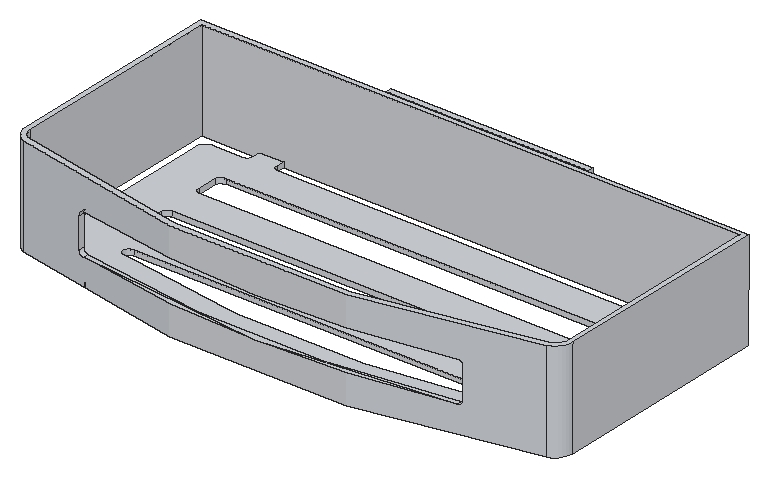
Revit family "Reece_Accessory_Posh_Solus_Shower Basket_220 x 120 x 40mm", category Plumbing Fixtures, Revit 2018
Family settings
  Round Connector Dimension = Use Diameter
  Part Type = Normal
  Work Plane-Based = Yes
  Always vertical = Yes
  Cut with Voids When Loaded = Yes
  Shared = Yes
  Room Calculation Point = Yes
Parameters
  URL = "https://www.reece.com.au/product/-9504260"
  Type Comments = "Accessory"
  Reece_Product_Web Page = "https://www.reece.com.au/product/-9504260"
  Reece_Product_Type = "Accessory"  # constant formula
  Reece_Product_Sub Brand = "Solus"  # constant formula
  Reece_Product_Number = "9504260"
  Reece_Product_Mount = "Wall Mounted"
  Reece_Product_Description = "Posh Solus Shower Basket 220 x 120 x 40mm Chrome"
  Reece_Product_Brand = "Posh"  # constant formula
  Reece_Overall_Width = 119 mm  # constant formula
  Reece_Overall_Length = 220 mm  # constant formula
  Reece_Overall_Height = 40 mm  # constant formula
  Reece_Material_Main = Reece_Brass_Chrome
  Reece_Height_From_Level [instance] = 1000 mm
  Reece_Detail_Installation = "Wall Mounted"  # constant formula
  Reece_Detail_Disclaimer = "THIS FILE IS THE PROPERTY OF THE REECE GROUP. IT MAY NOT BE REPRODUCED, REVERSE-ENGINEERED OR MODIFIED. ANY REPUBLICATION, TRANSMISSION OR DISTRIBUTION FOR THE PURPOSE OF COMMERCIALLY EXPLOITING THE FILES IS PROHIBITED."  # constant formula
  Reece_Detail_Additional = "Shower Basket"  # constant formula
  Model = "Solus"
  Manufacturer = "Posh"
  Keynote = "Product #9504260, Reece_Accessory_Posh_Solus_Shower Basket_220 x 120 x 40mm -  "
  Disclaimer = "THIS FILE IS THE PROPERTY OF THE REECE GROUP. IT MAY NOT BE REPRODUCED, REVERSE-ENGINEERED OR MODIFIED. ANY REPUBLICATION, TRANSMISSION OR DISTRIBUTION FOR THE PURPOSE OF COMMERCIALLY EXPLOITING THE FILES IS PROHIBITED."  # constant formula
  Description = "Posh Solus Shower Basket 220 x 120 x 40mm Chrome"
  Default Elevation = 0 mm
Types (2, lengths in mm): name | Keynote
  (no name) | "Product #9504260, Reece_Accessory_Posh_Solus_Shower Basket_220 x 120 x 40mm -  "
  Chrome | "Product #9504260, Reece_Accessory_Posh_Solus_Shower Basket_220 x 120 x 40mm - Chrome"
Reference planes
  plane 1 "Center (Front/Back)": y = 0
  plane 2 "Bottom Host Plane": z = -5
  plane 3 "Center (Left/Right)": x = 0
  plane 4 "Height From Floor": z = 1000
  plane 5: z = 1014.902
  plane 6: z = 974.902
  plane 7: x = 110
  plane 8: y = -119
  plane 9: x = -110
Lines and regions (mm)
  model lines, style "InvisibleLines"
    curve 1: line (0, 0, -5) -> (0, 0, 1000)
Text (mm)
  text "Reece ©" at (2668.853, -2395.367, 2952.593), in view "Reece Preview"
  text "Reece Copyright © 2018, Reece Ltd." at (-247.475, -190.626, 0), in view "Ref. Level"
Dimensions and locks
  plane 2 "Bottom Host Plane" to level = 5 mm
  locked: level to plane 2 "Bottom Host Plane" at 5
  "Reece_Height_From_Level": plane 4 "Height From Floor" to level
  "Reece_Overall_Width": plane 8 to plane 1 "Center (Front/Back)"
  "Reece_Overall_Height": plane 5 to plane 6
  plane 5 to plane 4 "Height From Floor" = 14.902 mm
  equal spacing: plane 9, plane 3 "Center (Left/Right)", plane 7
  "Reece_Overall_Length": plane 9 to plane 7
  aligned and locked: plane 2 "Bottom Host Plane" to curve 1
  aligned and locked: plane 4 "Height From Floor" to curve 1
  aligned and locked: plane 3 "Center (Left/Right)" to nested 1
  aligned and locked: plane 4 "Height From Floor" to nested 1
Automatic sketch dimensions
  curve 1 to plane 3 "Center (Left/Right)" = 0 mm
Nested families
  nested 1: "Reece_Accessory_Posh_Solus_Shower Basket_220 x 120 x 40mm_Nested" at (0, 0, 974.902), Reece_Material_Main <- "Reece_Material_Main", type "Chrome"
    with Reece_Material_Main Reece_Brass_Chrome
Definition of nested family "Reece_Accessory_Posh_Solus_Shower Basket_220 x 120 x 40mm_Nested"
  Parameters (values of type "Chrome")
    Reece_Overall_Width = 119 mm  # constant formula
    Reece_Overall_Length = 220 mm  # constant formula
    Reece_Overall_Height = 40 mm  # constant formula
    Reece_Material_Main [instance] = none
    Default Elevation = 0 mm
  Reference planes
    plane 1 "Center (Front/Back)": y = 0
    plane 2 "Bottom Host Plane": z = 0
    plane 3 "Center (Left/Right)": x = 0
    plane 4: z = 40
    plane 5: z = 0
    plane 6: x = -110
    plane 7: y = -119
    plane 8: x = 110
    plane 9: z = 25.098
    plane 10: x = -40.5
    plane 11: x = 40.5
  Forms (mm)
    Sweep 1, solid, material <- "Reece_Material_Main"
      path origin (-72.479, -37.291, 33.648) x (-0.707107, -0.707107, 0) y (0.707107, -0.707107, 0)
        loop
          line (6.236, -46.827) -> (68.546, 15.482)
          arc (68.546, 15.482) -> (70.52, 19.404) -> (69.77, 23.73) r 7
          arc (69.77, 23.73) -> (6.527, 109.027) -> (-78.77, 172.27) r 361.51
          arc (-78.77, 172.27) -> (-83.096, 173.02) -> (-87.018, 171.046) r 7
          line (-87.018, 171.046) -> (-149.328, 108.736) -> (6.236, -46.827)
      profile origin (0, -8.588, 33.648) x (0, 1, 0) y (0, 0, 1)
        loop
          line (0, 6.352) -> (-2, 6.352) -> (-2, -33.648) -> (0, -33.648) -> (0, 6.352)
    Extrusion 2, solid, material <- "Reece_Material_Main"
      sketch origin (0, 0, 33.648) x (-1, 0, 0) y (0, -1, 0)
        loop
          line (40.5, 2) -> (40.5, 8.588) -> (-40.5, 8.588) -> (-40.5, 2) -> (40.5, 2)
      from -20.49 to -18.505
    Extrusion 3, solid, material <- "Reece_Material_Main"
      sketch origin (0, 0, -966.352) x (1, 0, 0) y (0, 0, 1)
        loop
          line (40.5, 1002.223) -> (-40.5, 1002.223) -> (-40.5, 979.51) -> (-22.47, 979.51) -> (-22.47, 991.795)
          arc (-22.47, 991.795) -> (-21.587, 993.928) -> (-19.454, 994.811) r 3.016
          line (-19.454, 994.811) -> (19.192, 994.811)
          arc (19.192, 994.811) -> (21.314, 993.932) -> (22.192, 991.811) r 3
          line (22.192, 991.811) -> (22.192, 979.51) -> (40.5, 979.51) -> (40.5, 1002.223)
        loop
          circle (32.281, 991.45) r 3.981
        loop
          circle (-32.281, 991.45) r 3.981
      from 0 to 2
    Extrusion 4, void
      sketch origin (94.727, -75.563, -966.352) x (1, 0, 0) y (0, 0, 1)
        loop
          line (-19.693, 994.505) -> (-169.76, 994.505)
          arc (-169.76, 994.505) -> (-171.204, 993.907) -> (-171.802, 992.463) r 2.042
          line (-171.802, 992.463) -> (-171.802, 980.221)
          arc (-171.802, 980.221) -> (-171.226, 978.831) -> (-169.836, 978.255) r 1.966
          line (-169.836, 978.255) -> (-19.617, 978.255)
          arc (-19.617, 978.255) -> (-18.227, 978.831) -> (-17.651, 980.221) r 1.966
          line (-17.651, 980.221) -> (-17.651, 992.463)
          arc (-17.651, 992.463) -> (-18.249, 993.907) -> (-19.693, 994.505) r 2.042
      from 13.006 to 75.593
    Extrusion 5, solid, material <- "Reece_Material_Main"
      sketch origin (0, -0.835, 33.648) x (-1, 0, 0) y (0, -1, 0)
        loop
          arc (98.81, 15.329) -> (101.638, 16.5) -> (102.81, 19.329) r 4
          line (102.81, 19.329) -> (102.81, 92.206)
          arc (102.81, 92.206) -> (101.809, 95.207) -> (99.208, 97.007) r 5
          arc (99.208, 97.007) -> (93.293, 98.674) -> (87.35, 100.239) r 355.748
          arc (87.35, 100.239) -> (86.264, 100.95) -> (85.842, 102.178) r 2
          line (85.842, 102.178) -> (85.842, 106.539) -> (76.148, 108.6) -> (76.148, 104.755)
          arc (76.148, 104.755) -> (75.59, 103.588) -> (74.333, 103.288) r 1.5
          arc (74.333, 103.288) -> (-0.292, 111.198) -> (-74.916, 103.279) r 355.748
          arc (-74.916, 103.279) -> (-75.799, 103.793) -> (-76.148, 104.755) r 1.5
          line (-76.148, 104.755) -> (-76.148, 108.6) -> (-85.842, 106.539) -> (-85.842, 102.178)
          arc (-85.842, 102.178) -> (-86.068, 101.256) -> (-86.693, 100.541) r 2
          arc (-86.693, 100.541) -> (-92.962, 98.91) -> (-99.2, 97.166) r 355.748
          arc (-99.2, 97.166) -> (-101.807, 95.367) -> (-102.81, 92.363) r 5
          line (-102.81, 92.363) -> (-102.81, 19.329)
          arc (-102.81, 19.329) -> (-101.638, 16.5) -> (-98.81, 15.329) r 4
          line (-98.81, 15.329) -> (-86.562, 15.329)
          arc (-86.562, 15.329) -> (-85.17, 14.752) -> (-84.593, 13.36) r 1.969
          line (-84.593, 13.36) -> (-84.593, 8.649) -> (-75.009, 8.649) -> (-75.009, 13.367)
          arc (-75.009, 13.367) -> (-74.435, 14.754) -> (-73.048, 15.329) r 1.962
          line (-73.048, 15.329) -> (73.048, 15.329)
          arc (73.048, 15.329) -> (74.435, 14.754) -> (75.009, 13.367) r 1.962
          line (75.009, 13.367) -> (75.009, 8.649) -> (84.593, 8.649) -> (84.593, 13.36)
          arc (84.593, 13.36) -> (85.17, 14.752) -> (86.562, 15.329) r 1.969
          line (86.562, 15.329) -> (98.81, 15.329)
        loop
          line (-82.781, 29.278) -> (82.781, 29.278)
          arc (82.781, 29.278) -> (84.549, 30.01) -> (85.281, 31.778) r 2.5
          line (85.281, 31.778) -> (85.281, 39.768)
          arc (85.281, 39.768) -> (84.56, 41.508) -> (82.82, 42.229) r 2.461
          line (82.82, 42.229) -> (-82.82, 42.229)
          arc (-82.82, 42.229) -> (-84.56, 41.508) -> (-85.281, 39.768) r 2.461
          line (-85.281, 39.768) -> (-85.281, 31.778)
          arc (-85.281, 31.778) -> (-84.549, 30.01) -> (-82.781, 29.278) r 2.5
        loop
          line (-82.781, 56.175) -> (82.781, 56.175)
          arc (82.781, 56.175) -> (84.549, 56.908) -> (85.281, 58.675) r 2.5
          line (85.281, 58.675) -> (85.281, 66.665)
          arc (85.281, 66.665) -> (84.56, 68.405) -> (82.82, 69.126) r 2.461
          line (82.82, 69.126) -> (-82.82, 69.126)
          arc (-82.82, 69.126) -> (-84.56, 68.405) -> (-85.281, 66.665) r 2.461
          line (-85.281, 66.665) -> (-85.281, 58.675)
          arc (-85.281, 58.675) -> (-84.549, 56.908) -> (-82.781, 56.175) r 2.5
        loop
          line (-75.466, 82.961) -> (76.597, 82.961)
          arc (76.597, 82.961) -> (78.895, 85.02) -> (77.098, 87.528) r 2.311
          arc (77.098, 87.528) -> (0.566, 95.912) -> (-75.966, 87.527) r 353.468
          arc (-75.966, 87.527) -> (-77.763, 85.02) -> (-75.466, 82.961) r 2.31
      from -33.648 to -31.644
  Cuts and joins
    Extrusion 4 cuts Sweep 1
    joined: Sweep 1, Extrusion 3, Extrusion 5
  Text (mm)
    text "Reece ©" at (2668.853, -2395.367, 2952.593), in view "Reece Preview"
    text "Reece Copyright © 2018, Reece Ltd." at (-247.475, -190.626, 0), in view "Ref. Level"
  Dimensions and locks
    plane 2 "Bottom Host Plane" to level = 0 mm
    level to plane 2 "Bottom Host Plane" = 0 mm
    "Reece_Overall_Width": plane 7 to plane 1 "Center (Front/Back)"
    "Reece_Overall_Height": plane 4 to plane 5
    equal spacing: plane 6, plane 3 "Center (Left/Right)", plane 8
    "Reece_Overall_Length": plane 6 to plane 8
    Extrusion 2 to Extrusion 3 = 81 mm
    aligned and locked: plane 10 to Extrusion 3
    aligned and locked: plane 10 to Extrusion 2
    aligned and locked: plane 11 to Extrusion 3
    aligned and locked: Extrusion 2 to plane 11
    aligned and locked: level to plane 2 "Bottom Host Plane"
  Automatic sketch dimensions
    Sweep 1 sketch curve to plane 3 "Center (Left/Right)" = 0 mm
    Sweep 1 sketch curve to plane 8 = 0 mm  (x2)
    Sweep 1 sketch curve to plane 6 = 0 mm
    Sweep 1 sketch curve to plane 1 "Center (Front/Back)" = 242.51 mm
    Sweep 1 sketch curve to Sweep 1 sketch curve = 99.771 mm
    Sweep 1 sketch curve to Sweep 1 sketch curve = 62.31 mm
    Sweep 1 sketch curve to Sweep 1 sketch curve = 4.95 mm  (x2)
    Sweep 1 sketch curve to Sweep 1 sketch curve = 57.36 mm
    Sweep 1 sketch curve to Sweep 1 sketch curve = 0 mm
    Sweep 1 sketch curve to profile plane = 0 mm
    Sweep 1 sketch curve to Sweep 1 sketch curve = 2 mm
    Sweep 1 sketch curve to profile plane = 33.648 mm
    profile plane to Sweep 1 sketch curve = 6.352 mm
    Extrusion 2 sketch curve to plane 11 = 0 mm
    Extrusion 2 sketch curve to plane 10 = 0 mm
    plane 1 "Center (Front/Back)" to Extrusion 2 sketch curve = 2 mm
    Extrusion 2 sketch curve to Extrusion 2 sketch curve = 6.588 mm
    plane 10 to Extrusion 3 sketch curve = 0 mm
    Extrusion 3 sketch curve to plane 9 = 0 mm  (x2)
    Extrusion 3 sketch curve to plane 11 = 0 mm
    Extrusion 3 sketch curve to plane 10 = 8.219 mm
    Extrusion 3 sketch curve to Extrusion 3 sketch curve = 9.81 mm
    plane 9 to Extrusion 3 sketch curve = 0.345 mm
    Extrusion 3 sketch curve to Extrusion 3 sketch curve = 3.016 mm
    plane 9 to Extrusion 3 sketch curve = 0.361 mm
    plane 3 "Center (Left/Right)" to Extrusion 3 sketch curve = 19.192 mm
    Extrusion 3 sketch curve to plane 11 = 8.219 mm
    Extrusion 3 sketch curve to plane 9 = 11.94 mm  (x2)
    Extrusion 3 sketch curve to Extrusion 3 sketch curve = 3.981 mm  (x2)
    Extrusion 5 sketch curve to Extrusion 5 sketch curve = 0 mm  (x9)
    plane 8 to Extrusion 5 sketch curve = 7.19 mm
    Extrusion 5 sketch curve to Extrusion 5 sketch curve = 4 mm  (x2)
    Extrusion 5 sketch curve to Extrusion 5 sketch curve = 5 mm
    Extrusion 5 sketch curve to Extrusion 5 sketch curve = 9.968 mm
    Extrusion 5 sketch curve to Extrusion 5 sketch curve = 12.248 mm
    Extrusion 5 sketch curve to Extrusion 5 sketch curve = 2 mm  (x2)
    plane 8 to Extrusion 5 sketch curve = 24.719 mm
    Extrusion 5 sketch curve to Extrusion 5 sketch curve = 1.281 mm
    Extrusion 5 sketch curve to Extrusion 5 sketch curve = 1.969 mm  (x2)
    Extrusion 5 sketch curve to Extrusion 5 sketch curve = 2.461 mm  (x4)
    Extrusion 5 sketch curve to Extrusion 5 sketch curve = 2.5 mm  (x2)
    Extrusion 5 sketch curve to Extrusion 5 sketch curve = 9.695 mm  (x2)
    Extrusion 5 sketch curve to Extrusion 5 sketch curve = 9.584 mm  (x2)
    Extrusion 5 sketch curve to Extrusion 5 sketch curve = 1.5 mm  (x2)
    Extrusion 5 sketch curve to Extrusion 5 sketch curve = 1.962 mm  (x2)
    plane 3 "Center (Left/Right)" to Extrusion 5 sketch curve = 0.27 mm
    Extrusion 5 sketch curve to plane 3 "Center (Left/Right)" = 0.569 mm
    plane 1 "Center (Front/Back)" to Extrusion 5 sketch curve = 16.164 mm
    plane 10 to Extrusion 5 sketch curve = 32.548 mm
    plane 7 to Extrusion 5 sketch curve = 13.41 mm
    plane 10 to Extrusion 5 sketch curve = 34.148 mm
    plane 7 to Extrusion 5 sketch curve = 9.565 mm
    Extrusion 5 sketch curve to Extrusion 5 sketch curve = 0.45 mm
    Extrusion 5 sketch curve to Extrusion 5 sketch curve = 9.733 mm
    Extrusion 5 sketch curve to Extrusion 5 sketch curve = 0.039 mm  (x2)
    Extrusion 5 sketch curve to plane 6 = 12.19 mm
    Extrusion 5 sketch curve to plane 6 = 11.19 mm
    Extrusion 5 sketch curve to Extrusion 5 sketch curve = 0.007 mm  (x2)
    Extrusion 5 sketch curve to Extrusion 5 sketch curve = 4.718 mm
    Extrusion 5 sketch curve to Extrusion 5 sketch curve = 4.711 mm
    Extrusion 5 sketch curve to plane 1 "Center (Front/Back)" = 243.715 mm
    Extrusion 5 sketch curve to Extrusion 5 sketch curve = 13.006 mm
    Extrusion 5 sketch curve to Extrusion 5 sketch curve = 13.949 mm
    Extrusion 5 sketch curve to Extrusion 5 sketch curve = 7.99 mm  (x2)
    Extrusion 5 sketch curve to Extrusion 5 sketch curve = 13.946 mm
    Extrusion 5 sketch curve to Extrusion 5 sketch curve = 13.835 mm
    Extrusion 5 sketch curve to Extrusion 5 sketch curve = 2.31 mm
    Extrusion 5 sketch curve to Extrusion 5 sketch curve = 2.311 mm
    Extrusion 5 sketch curve to Extrusion 5 sketch curve = 2.577 mm  (x2)
    Extrusion 5 sketch curve to Extrusion 5 sketch curve = 4.362 mm  (x2)
    Extrusion 5 sketch curve to Extrusion 5 sketch curve = 3.845 mm
    Extrusion 5 sketch curve to Extrusion 5 sketch curve = 0.268 mm
    Extrusion 5 sketch curve to Extrusion 5 sketch curve = 7.354 mm
    Extrusion 5 sketch curve to Extrusion 5 sketch curve = 4.678 mm
    Extrusion 5 sketch curve to Extrusion 5 sketch curve = 4.836 mm
    Extrusion 5 sketch curve to Extrusion 5 sketch curve = 5.012 mm
    Extrusion 4 sketch curve to plane 6 = 34.89 mm
    Extrusion 4 sketch curve to Extrusion 4 sketch curve = 1.966 mm  (x2)
    plane 9 to Extrusion 4 sketch curve = 1.014 mm  (x2)
    plane 11 to Extrusion 4 sketch curve = 34.534 mm
    Extrusion 4 sketch curve to Extrusion 4 sketch curve = 2.042 mm
    Extrusion 4 sketch curve to plane 9 = 11.229 mm
    plane 4 to Extrusion 3 sketch curve = 4.129 mm
